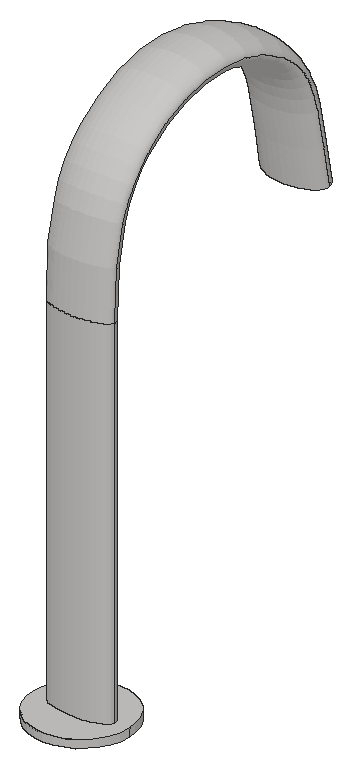
Revit family "TOTO_台付自動水栓_コンテンポラリタイプ（オーバル）_高さ343mm", category 衛生器具, Revit 2022
Family settings
  丸型コネクタ寸法 = 直径を使用
  パーツ タイプ = 標準
  OmniClass 番号 = 23.45.00.00
  OmniClass タイトル = Sanitary, Laundry, and Cleaning Equipment
  作業面ベース = いいえ
  常に垂直 = はい
  ロード時にボイドで切り取り = はい
  注釈の向きを維持 = いいえ
  共有 = いいえ
  部屋計算ポイント = いいえ
Parameters (values of type "TLE24SL1A")
  電線管接続口 = ""
  電源種別 = ""
  電源接続口 = ""
  電圧 = "100V"
  雑排水負荷単位 = 0
  陶器色 = none
  負荷分類 = "9_コンセント"
  製造停止年月 = ""
  製品出荷対象 = "国内"
  製品リリース年月 = "2022年08月"
  製品グループ = ""
  給湯負荷単位 = 0
  給水量情報 = ""
  給水負荷単位(洗浄) = 0
  給水負荷単位(水栓) = 0
  給水接続口情報 = ""
  給水接続口 = ""
  給水タイプ = ""
  積算_科目 = ""
  積算_拾い区分 = ""
  相 = "1"
  盤記号 = ""
  消費電力 = ""
  流量 = ""
  洗浄水量 = ""
  汚水負荷単位 = 0
  標準取付高さ = ""
  極数 = "2"
  最高使用圧力 = 0.0 MPa
  最低使用圧力 = 0.0 MPa
  既定の高さ = 0 mm
  排水芯・排水高さ = ""
  排水接続口情報 = ""
  排水接続口 = ""
  排水 = ""
  幹線記号 = ""
  幅 = "60"
  奥行 = "177"
  周波数 = ""
  参照している仕様書等のバージョン = ""
  分類コード = ""
  分類グループ = ""
  使用水 = "上水"
  企業コード = "504860"
  付属単位 = ""
  中水負荷単位 = 0
  中水接続口 = ""
  上水負荷単位 = 0
  パネル色 = none
  データ作成ソフトVer = "Revit ver.2022"
  タイプのイメージ = ""
  カウンター色 = none
  IfcTypeProduct = ""
  IfcProduct = ""
  IfcExportType = ""
  IfcExportAs = ""
  説明 = "台付自動水栓_コンテンポラリタイプ（オーバル）_高さ343mm"
  設置形態 = ""
  記号 = ""
  製造元 = "TOTO株式会社"
  系統 = ""
  符号 = ""
  特殊仕様 = ""
  法定耐用年数 = ""
  構成品番 = "TLE24SL1A"
  材質 = ""
  温水配管 = yes
  消耗品・備品情報 = ""
  水配管 = yes
  排水配管 = yes
  排気配管 = yes
  形式 = ""
  商品紹介URL = "https://jp.toto.com/products/faucetgroom/functionaqua/"
  商品情報URL = "https://www.com-et.com/jp/item_search/with_img=1/isHaiban=1/kensaku_info=2/qno=0/cometSearch_cate=cometSearch_cate01/searchStr=TLE24SL1A/"
  呼称 = ""
  仕様 = ""
  モデル = "TLE24SL1A"
  データ作成年月 = ""
  コメント [instance] = ""
  キーノート = "0表示の場合は商品仕様と設計数量をご確認ください"
  URL = "https://jp.toto.com"
  JIS記号 = ""
  BLCJ仕様バージョン = "Version1.0"
  3Dファイル形式 = "rfa"
Reference planes
  plane 1 "中心(正面/背面)": y = 0
  plane 2: z = 0
  plane 3 "中心(左/右)": x = 0
  plane 4: z = 343
  plane 5: y = 177
Dimensions and locks
  plane 4 to plane 2 = 343 mm  (x2)
  plane 1 "中心(正面/背面)" to plane 5 = 177 mm
  aligned and locked: level to plane 2
Nested families
  nested 1: "TLE24SL1A" at (0, -0.286, 0), type "TLE24SL1A"
Definition of nested family "TLE24SL1A"
  Parameters (values of type "TLE24SL1A")
    Manufacturer = "TOTO株式会社"
    Default Elevation = 0 mm
    便器マテリアル = none
    Model = ""
    W = 172 mm
    URL = "https://jp.toto.com/"
    D = 290 mm
  Reference planes
    plane 1 "中心(正面/背面)": y = 0
    plane 2: z = 0
    plane 3 "中心(左/右)": x = 0
  Forms (mm)
    Extrusion 1, solid, material <- "便器マテリアル"
      sketch origin (0, 85, -750) x (1, 0, 0) y (0, 1, 0)
        loop
          circle (0, -85) r 30
      from 750 to 754.995
    Sweep 2, solid, material <- "便器マテリアル"
      path origin (0, 85, -744.055) x (0, 1, 0) y (0, 0, 1)
        loop
          line (-85, 749.05) -> (-85, 973.264)
      profile origin (0, 0, 117.102) x (0, -1, 0) y (1, 0, 0)
        loop
          spline (0, -21) -> (2.071, -20.284) -> (4, -18.187) -> (5.657, -14.849) -> (6.928, -10.5) -> (7.727, -5.435) -> (8, 0) -> (7.727, 5.435) -> (6.928, 10.5) -> (5.657, 14.849) -> (4, 18.187) -> (2.071, 20.284) -> (0, 21)
          spline (0, 21) -> (-2.071, 20.284) -> (-4, 18.187) -> (-5.657, 14.849) -> (-6.928, 10.5) -> (-7.727, 5.435) -> (-8, 0) -> (-7.727, -5.435) -> (-6.928, -10.5) -> (-5.657, -14.849) -> (-4, -18.187) -> (-2.071, -20.284) -> (0, -21)
    SweptBlend 3, solid, material <- "便器マテリアル"
      path origin (0, 85, -650) x (0, 1, 0) y (0, 0, 1)
        loop
          spline (-85, 879.209) -> (-87.703, 917.368) -> (-96.154, 943.59) -> (-110.705, 962.331) -> (-129.896, 975.327) -> (-151.123, 982.596) -> (-172.171, 984.253) -> (-192.249, 980.844) -> (-210.874, 972.99) -> (-227.129, 960.33) -> (-239.444, 940.995) -> (-246.917, 913.789) -> (-252.547, 881.837)
      profile origin (0, 0, 229.209) x (0, -1, 0) y (1, 0, 0)
        loop
          spline (0, 21) -> (-2.071, 20.284) -> (-4, 18.187) -> (-5.657, 14.849) -> (-6.928, 10.5) -> (-7.727, 5.435) -> (-8, 0) -> (-7.727, -5.435) -> (-6.928, -10.5) -> (-5.657, -14.849) -> (-4, -18.187) -> (-2.071, -20.284) -> (0, -21)
          spline (0, -21) -> (2.071, -20.284) -> (4, -18.187) -> (5.657, -14.849) -> (6.928, -10.5) -> (7.727, -5.435) -> (8, 0) -> (7.727, 5.435) -> (6.928, 10.5) -> (5.657, 14.849) -> (4, 18.187) -> (2.071, 20.284) -> (0, 21)
      end profile origin (0, -167.547, 231.837) x (0, 0.982903, -0.184122) y (1, 0, 0)
        loop
          spline (0, -21) -> (2.459, -20.284) -> (4.75, -18.187) -> (6.718, -14.849) -> (8.227, -10.5) -> (9.176, -5.435) -> (9.5, 0) -> (9.176, 5.435) -> (8.227, 10.5) -> (6.718, 14.849) -> (4.75, 18.187) -> (2.459, 20.284) -> (0, 21)
          spline (0, 21) -> (-2.459, 20.284) -> (-4.75, 18.187) -> (-6.718, 14.849) -> (-8.227, 10.5) -> (-9.176, 5.435) -> (-9.5, 0) -> (-9.176, -5.435) -> (-8.227, -10.5) -> (-6.718, -14.849) -> (-4.75, -18.187) -> (-2.459, -20.284) -> (0, -21)
  Lines and regions (mm)
    Masking region 1
      outline origin (0, 0, 0) x (0, 1, 0) y (0, 0, 1)
        loop
          line (8, 4.995) -> (8, 238.874)
          spline (8, 238.874) -> (2.19, 281.076) -> (-13.13, 310.79) -> (-34.79, 329.8) -> (-59.622, 339.889) -> (-84.476, 342.835) -> (-107.185, 340.056) -> (-127.12, 332.418) -> (-143.782, 320.733) -> (-156.675, 305.818) -> (-165.726, 287.731) -> (-172.04, 264.45) -> (-176.924, 233.593)
          line (-176.924, 233.593) -> (-158.171, 230.08)
          spline (-158.171, 230.08) -> (-151.919, 267.524) -> (-147.173, 284.449) -> (-141.364, 296.572) -> (-133.153, 306.625) -> (-121.475, 315.186) -> (-106.251, 321.724) -> (-88.044, 324.971) -> (-67.433, 323.652) -> (-45.712, 316.32) -> (-26.155, 301.07) -> (-12.379, 275.916) -> (-8, 238.874)
          line (-8, 238.874) -> (-8, 4.995) -> (8, 4.995)
    Masking region 2
      outline origin (0, 0, 0) x (0, 1, 0) y (0, 0, 1)
        loop
          line (-30, 0) -> (30, 0) -> (30, 4.995) -> (-30, 4.995) -> (-30, 0)
  Dimensions and locks
    aligned and locked: level to plane 2
